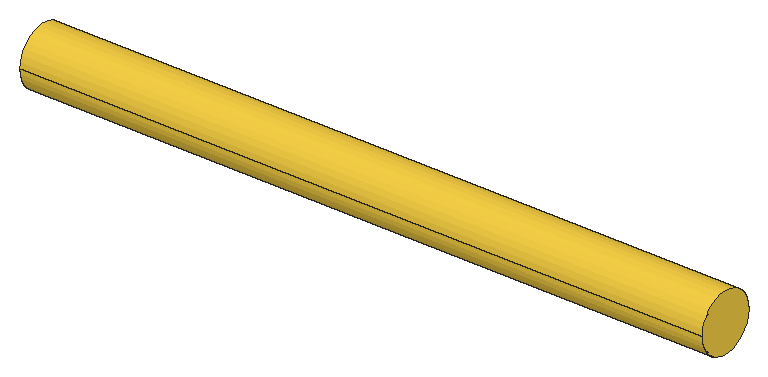
Revit family "TUBE 42-0,5_2033300", category Generic Models, Revit 2018
Family settings
  Can host rebar = No
  Round Connector Dimension = Use Diameter
  Part Type = Normal
  OmniClass Number = 35.51.14.00
  OmniClass Title = FORMWORK
  Work Plane-Based = Yes
  Always vertical = No
  Cut with Voids When Loaded = No
  Shared = Yes
  Room Calculation Point = No
Parameters
  VERSION = "20190101"  # constant formula
  URL = "www.ulmaconstruction.com/en"
  UNICLASS = ""
  ITEM_CODE = "2033300"
  Manufacturer = "ULMA CONSTRUCTION"  # constant formula
  FILTER [instance] = ""
  Default Elevation = 0.000 mm
  CLASSIFICATION_TITLE = ""
  CLASSIFICATION_NUMBER = ""
Reference planes
  plane 1 "Centro (Frontal/Posterior)": y = 0
  plane 2: z = 0
  plane 3 "Centro (Izquierda/Derecha)": x = 0
  plane 4 "ITEM_LENGTH": x = 500
Forms (mm)
  Extrusion 1, solid, material "ULMA YELLOW"
    sketch origin (0, 0, 0) x (0, 1, 0) y (0, 0, 1)
      loop
        circle (0, 0) r 21
    from 0 to 500
Lines and regions (mm)
  model lines, style "ULMA FIXING ITEMS", detail levels fine
    curve 1: circle (500, 0, 0) r 19 normal (1, 0, 0)
    curve 2: circle (0, 0, 0) r 19 normal (1, 0, 0)
Dimensions and locks
  locked: plane 3 "Centro (Izquierda/Derecha)" to plane 4 "ITEM_LENGTH" at 500
  aligned and locked: level to plane 2
  aligned and locked: plane 4 "ITEM_LENGTH" to Extrusion 1
